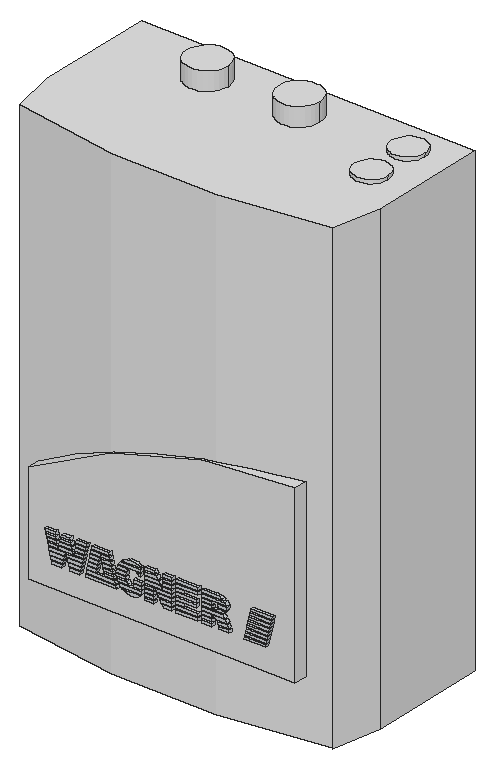
Revit family "WAGNER_Извещатели_TITANUS_TOP_SENS", category Оборудование, Revit 2017
Family settings
  Размер круглого соединителя = Использовать диаметр
  Тип детали = Нормальный
  Номер OmniClass = 23.85.30.21.11.14
  Заголовок OmniClass = Alarm Panels
  На основе рабочей плоскости = Нет
  Всегда вертикально = Да
  При загрузке вырезать с полостями = Нет
  Общий = Да
  Точка расчета площади = Нет
Parameters (values of type "Typ TT-1-SL")
  Описание = ADSK_Наименование  # "Извещатель пожарынй дымовой аспирационный"
  Изготовитель = [ADSK_Завод-изготовитель]  # "WAGNER"
  bimon.ru = "bimon.ru"
  WAGNER_Чувствительность = if(WAGNER_Variation = 1, "от 0,0049 %/м до 0,5 %/м", if(WAGNER_Variation = 2, "от 0,0049 %/м до 0,5 %/м", if(WAGNER_Variation = 3, "от 0,0049 %/м до 0,5 %/м", if(WAGNER_Variation = 4, "0", if(WAGNER_Variation = 5, "0", if(WAGNER_Variation = 6, "0", if(WAGNER_Variation = 7, "0", "@_@")))))))  # "от 0,0049 %/м до 0,5 %/м"
  WAGNER_Уровень шума  = if(WAGNER_Variation = 1, "45 дБ", if(WAGNER_Variation = 2, "от 23 дБ до 30 дБ", if(WAGNER_Variation = 3, "45 дБ", if(WAGNER_Variation = 4, "0", if(WAGNER_Variation = 5, "0", if(WAGNER_Variation = 6, "0", if(WAGNER_Variation = 7, "0", "@_@")))))))  # "от 23 дБ до 30 дБ"
  WAGNER_Тип детекторных модулей = if(WAGNER_Variation = 1, "DM-TT-50L, DM-TT-10L, DM-TT-01L", if(WAGNER_Variation = 2, "DM-TT-50L, DM-TT-10L, DM-TT-01L", if(WAGNER_Variation = 3, "DM-TT-50L-F, DM-TT-10L-F, DM-TT-01L-F", if(WAGNER_Variation = 4, "0", if(WAGNER_Variation = 5, "0", if(WAGNER_Variation = 6, "0", if(WAGNER_Variation = 7, "0", "@_@")))))))  # "DM-TT-50L, DM-TT-10L, DM-TT-01L"
  WAGNER_Тип = if(WAGNER_Variation = 1, "Typ TT-1/а", if(WAGNER_Variation = 2, "Typ TT-1-SL", if(WAGNER_Variation = 3, "Typ TT-1-F/а", if(WAGNER_Variation = 4, "0", if(WAGNER_Variation = 5, "0", if(WAGNER_Variation = 6, "0", if(WAGNER_Variation = 7, "0", "@_@")))))))  # "Typ TT-1-SL"
  WAGNER_Температурный режим. = if(WAGNER_Variation = 1, "от -20℃ до +60℃", if(WAGNER_Variation = 2, "от -20℃ до +60℃", if(WAGNER_Variation = 3, "от -40℃ до +60℃", if(WAGNER_Variation = 4, "0", if(WAGNER_Variation = 5, "0", if(WAGNER_Variation = 6, "0", if(WAGNER_Variation = 7, "0", "@_@")))))))  # "от -20℃ до +60℃"
  WAGNER_Страна производства = if(WAGNER_Variation = 1, "Германия", if(WAGNER_Variation = 2, "Германия", if(WAGNER_Variation = 3, "Германия", if(WAGNER_Variation = 4, "0", if(WAGNER_Variation = 5, "0", if(WAGNER_Variation = 6, "0", if(WAGNER_Variation = 7, "0", "@_@")))))))  # "Германия"
  WAGNER_Расчет системы = if(WAGNER_Variation = 1, "Программа PipeCalc", if(WAGNER_Variation = 2, "Программа PipeCalc", if(WAGNER_Variation = 3, "Программа PipeCalc", if(WAGNER_Variation = 4, "0", if(WAGNER_Variation = 5, "0", if(WAGNER_Variation = 6, "0", if(WAGNER_Variation = 7, "0", "@_@")))))))  # "Программа PipeCalc"
  WAGNER_Плата_сетевая_TITANUS_NU-5-D = yes
  WAGNER_Питание = if(WAGNER_Variation = 1, "24В", if(WAGNER_Variation = 2, "24В", if(WAGNER_Variation = 3, "24В", if(WAGNER_Variation = 4, "0", if(WAGNER_Variation = 5, "0", if(WAGNER_Variation = 6, "0", if(WAGNER_Variation = 7, "0", "@_@")))))))  # "24В"
  WAGNER_Название = if(WAGNER_Variation = 1, "Извещатель пожарный дымовой аспирационный TITANUS TOP·SENS", if(WAGNER_Variation = 2, "Извещатель пожарный дымовой аспирационный TITANUS TOP·SENS бесшумная версия", if(WAGNER_Variation = 3, "Извещатель пожарный дымовой аспирационный TITANUS TOP·SENS низкотемпературная версия", if(WAGNER_Variation = 4, "0", if(WAGNER_Variation = 5, "0", if(WAGNER_Variation = 6, "0", if(WAGNER_Variation = 7, "0", "@_@")))))))  # "Извещатель пожарный дымовой аспирационный TITANUS TOP·SENS бесшумная версия"
  WAGNER_Модуль_управления_вентилятором = yes
  WAGNER_Количество сигналов (реле) тревоги = if(WAGNER_Variation = 1, "от 1 до 6 ", if(WAGNER_Variation = 2, "от 1 до 6 ", if(WAGNER_Variation = 3, "от 1 до 6 ", if(WAGNER_Variation = 4, "0", if(WAGNER_Variation = 5, "0", if(WAGNER_Variation = 6, "0", if(WAGNER_Variation = 7, "0", "@_@")))))))  # "от 1 до 6 "
  WAGNER_Количество сигналов (реле) неисправности = if(WAGNER_Variation = 1, "от 1 до 2", if(WAGNER_Variation = 2, "от 1 до 2", if(WAGNER_Variation = 3, "от 1 до 2", if(WAGNER_Variation = 4, "0", if(WAGNER_Variation = 5, "0", if(WAGNER_Variation = 6, "0", if(WAGNER_Variation = 7, "0", "@_@")))))))  # "от 1 до 2"
  WAGNER_Количество каналов обнаружения = if(WAGNER_Variation = 1, "2", if(WAGNER_Variation = 2, "2", if(WAGNER_Variation = 3, "2", if(WAGNER_Variation = 4, "0", if(WAGNER_Variation = 5, "0", if(WAGNER_Variation = 6, "0", if(WAGNER_Variation = 7, "0", "@_@")))))))  # "2"
  WAGNER_Классы проектирования  = if(WAGNER_Variation = 1, "А, B, C", if(WAGNER_Variation = 2, "А, B, C", if(WAGNER_Variation = 3, "А, B, C", if(WAGNER_Variation = 4, "0", if(WAGNER_Variation = 5, "0", if(WAGNER_Variation = 6, "0", if(WAGNER_Variation = 7, "0", "@_@")))))))  # "А, B, C"
  WAGNER_Артикул = if(WAGNER_Variation = 1, "AD-05-1220", if(WAGNER_Variation = 2, "AD-05-1240", if(WAGNER_Variation = 3, "AD-05-1350", if(WAGNER_Variation = 4, "0", if(WAGNER_Variation = 5, "0", if(WAGNER_Variation = 6, "0", if(WAGNER_Variation = 7, "0", "@_@")))))))  # "AD-05-1240"
  WAGNER_Variation = 2
  WAGNER_Ip = if(WAGNER_Variation = 1, "Ip20 или Ip52", if(WAGNER_Variation = 2, "Ip20 или Ip52", if(WAGNER_Variation = 3, "Ip20 или Ip52", if(WAGNER_Variation = 4, "0", if(WAGNER_Variation = 5, "0", if(WAGNER_Variation = 6, "0", if(WAGNER_Variation = 7, "0", "@_@")))))))  # "Ip20 или Ip52"
  Uniclass Title = "Fire alarm panels"  # constant formula
  Uniclass Code = "Pr_75_75_30_29"  # constant formula
  URL = "www.wagner-russia.com"
  UNSPSC Title = "Fire alarm systems"  # constant formula
  UNSPSC Code = "46191505"  # constant formula
  OmniClass Title = "Alarm Panels"  # constant formula
  OmniClass Code = "23.85.30.21.11.14"  # constant formula
  Masterformat Title = "Fire Alarm Notification Appliances"  # constant formula
  Masterformat Code = "28 46 23"  # constant formula
  IFC Classification = ""
  COBie Category = "Fire alarm panels"  # constant formula
  ADSK_Размер_Ширина = 113 mm  # constant formula
  ADSK_Размер_Длина = 200 mm  # constant formula
  ADSK_Размер_Высота = 292 mm  # constant formula
  ADSK_Напряжение = 24 V
  ADSK_Наименование краткое = "Извещатель пожарный"  # constant formula
  ADSK_Наименование = "Извещатель пожарынй дымовой аспирационный"  # constant formula
  ADSK_Материал = WAGNER_Корпус
  ADSK_Масса_Текст = ""
  ADSK_Марка = WAGNER_Тип  # "Typ TT-1-SL"
  ADSK_Код изделия = "-"  # constant formula
  ADSK_Завод-изготовитель = "WAGNER"  # constant formula
  ADSK_Единица измерения = "шт."  # constant formula
  ADSK_Дата изменения = "18.07.20"  # constant formula
  ADSK_Версия семейства = "Версия 1"  # constant formula
  ADSK_Версия Revit = "Revit 2017"  # constant formula
  ADSK_URL страницы изделия = "https://ru.wagnergroup.com/systeme/brandfrueherkennung-mit-titanusr-ansaugrauchmeldern.html"
  ADSK_URL документации изделия = "https://ru.wagnergroup.com/ru/centr-zagruzki/katalog.html"
Types (3, lengths in mm): name | WAGNER_Уровень шума  | WAGNER_Тип детекторных модулей | WAGNER_Тип | WAGNER_Температурный режим. | WAGNER_Плата_сетевая_TITANUS_NU-5-D | WAGNER_Название | WAGNER_Артикул | WAGNER_Variation | ADSK_Марка
  Typ TT-1/а | "45 дБ" | "DM-TT-50L, DM-TT-10L, DM-TT-01L" | "Typ TT-1/а" | "от -20℃ до +60℃" | no | "Извещатель пожарный дымовой аспирационный TITANUS TOP·SENS" | "AD-05-1220" | 1 | "Typ TT-1/а"
  Typ TT-1-SL | "от 23 дБ до 30 дБ" | "DM-TT-50L, DM-TT-10L, DM-TT-01L" | "Typ TT-1-SL" | "от -20℃ до +60℃" | yes | "Извещатель пожарный дымовой аспирационный TITANUS TOP·SENS бесшумная версия" | "AD-05-1240" | 2 | "Typ TT-1-SL"
  Typ TT-1-F/а | "45 дБ" | "DM-TT-50L-F, DM-TT-10L-F, DM-TT-01L-F" | "Typ TT-1-F/а" | "от -40℃ до +60℃" | yes | "Извещатель пожарный дымовой аспирационный TITANUS TOP·SENS низкотемпературная версия" | "AD-05-1350" | 3 | "Typ TT-1-F/а"
Reference planes
  plane 1 "По центру (Вперед/Назад)": y = -115
  plane 2: z = 0
  plane 3 "По центру (Влево/Вправо)": x = -926.101
  plane 4: z = -147.566
Forms (mm)
  Extrusion 1, solid, material "WAGNER_Корпус" <- "ADSK_Материал"
    sketch origin (0, -115, 0) x (1, 0, 0) y (0, 0, 1)
      loop
        line (-826.15, 134.487) -> (-1026.128, 134.487) -> (-1026.128, -145.566) -> (-826.15, -145.566) -> (-826.15, 134.487)
    from 0 to 70.93
  Sweep 2, solid, material "WAGNER_Корпус" <- "ADSK_Материал"
    path origin (0, -422.5, 0) x (0, 0, -1) y (1, 0, 0)
      loop
        line (-134.487, -926.101) -> (145.566, -926.101)
    profile origin (-926.101, -422.5, -5.539) x (0, -1, 0) y (1, 0, 0)
      loop
        line (-236.57, 99.951) -> (-237.521, 99.951) -> (-237.521, -100.026) -> (-236.57, -100.026) -> (-208.216, -93.924)
        arc (-208.216, -93.924) -> (-197.783, 0) -> (-208.216, 93.924) r 427.993
        line (-208.216, 93.924) -> (-236.57, 99.951)
  Extrusion 3, solid, material "WAGNER_Корпус" <- "ADSK_Материал"
    sketch origin (0, -115, 0) x (1, 0, 0) y (0, 0, 1)
      loop
        arc (-845.978, 124.031) -> (-851.101, 129.154) -> (-856.225, 124.031) r 5.124
        line (-856.225, 124.031) -> (-856.225, 116.031)
        arc (-856.225, 116.031) -> (-851.101, 110.907) -> (-845.978, 116.031) r 5.124
        line (-845.978, 116.031) -> (-845.978, 124.031)
      loop
        arc (-875.978, 124.031) -> (-881.101, 129.154) -> (-886.225, 124.031) r 5.124
        line (-886.225, 124.031) -> (-886.225, 116.031)
        arc (-886.225, 116.031) -> (-881.101, 110.907) -> (-875.978, 116.031) r 5.124
        line (-875.978, 116.031) -> (-875.978, 124.031)
      loop
        arc (-1005.978, 124.031) -> (-1011.101, 129.154) -> (-1016.225, 124.031) r 5.124
        line (-1016.225, 124.031) -> (-1016.225, 116.031)
        arc (-1016.225, 116.031) -> (-1011.101, 110.907) -> (-1005.978, 116.031) r 5.124
        line (-1005.978, 116.031) -> (-1005.978, 124.031)
      loop
        arc (-1014.902, -129.646) -> (-1020.026, -134.77) -> (-1014.902, -139.894) r 5.124
        line (-1014.902, -139.894) -> (-1006.902, -139.894)
        arc (-1006.902, -139.894) -> (-1001.778, -134.77) -> (-1006.902, -129.646) r 5.124
        line (-1006.902, -129.646) -> (-1014.902, -129.646)
      loop
        arc (-855.301, -129.646) -> (-860.425, -134.77) -> (-855.301, -139.894) r 5.124
        line (-855.301, -139.894) -> (-847.301, -139.894)
        arc (-847.301, -139.894) -> (-842.177, -134.77) -> (-847.301, -129.646) r 5.124
        line (-847.301, -129.646) -> (-855.301, -129.646)
    from -2.983 to 0
  Extrusion 4, solid, material "WAGNER_Корпус" <- "ADSK_Материал"
    sketch origin (0, 0, 0) x (1, 0, 0) y (0, 1, 0)
      loop
        circle (-967.443, -139.017) r 12.5
    from 134.487 to 145.487
  Extrusion 5, solid, material "WAGNER_Корпус" <- "ADSK_Материал"
    sketch origin (0, 0, 0) x (1, 0, 0) y (0, 1, 0)
      loop
        circle (-912.443, -139.017) r 12.5
    from 134.487 to 145.487
  Extrusion 6, solid, material "WAGNER_Корпус" <- "ADSK_Материал"
    sketch origin (0, 0, 0) x (1, 0, 0) y (0, 1, 0)
      loop
        circle (-850.763, -162.048) r 10
    from 134.487 to 136.468
  Extrusion 7, solid, material "WAGNER_Корпус" <- "ADSK_Материал"
    sketch origin (0, 27.996, 0) x (1, 0, 0) y (0, 1, 0)
      loop
        circle (-850.763, -162.048) r 10
    from 134.487 to 136.468
  Extrusion 8, solid, material "WAGNER_Корпус" <- "ADSK_Материал"
    sketch origin (0, -115, 0) x (1, 0, 0) y (0, 0, 1)
      loop
        circle (-865.763, -77.26) r 12.5
      loop
        circle (-861.763, -111.26) r 12.5
    from -2.983 to 0
  Extrusion 9, solid, material "WAGNER_Корпус" <- "ADSK_Материал"
    sketch origin (0, 0, 0) x (1, 0, 0) y (0, 1, 0)
      loop
        circle (-1004.101, -136.052) r 10
    from -147.566 to -145.566
  Extrusion 10, solid, material "WAGNER_Корпус" <- "ADSK_Материал"
    sketch origin (28, 0, 0) x (1, 0, 0) y (0, 1, 0)
      loop
        circle (-1004.101, -136.052) r 10
    from -147.566 to -145.566
  Extrusion 11, solid, material "WAGNER_Корпус" <- "ADSK_Материал"
    sketch origin (56, 0, 0) x (1, 0, 0) y (0, 1, 0)
      loop
        circle (-1004.101, -136.052) r 10
    from -147.566 to -145.566
  Extrusion 12, solid, material "WAGNER_Корпус" <- "ADSK_Материал"
    sketch origin (15, 0, 0) x (1, 0, 0) y (0, 1, 0)
      loop
        circle (-912.443, -139.017) r 12.5
    from -147.566 to -143.765
  Extrusion 13, solid, material "WAGNER_Корпус" <- "ADSK_Материал"
    sketch origin (48.229, 5.859, 0) x (1, 0, 0) y (0, 1, 0)
      loop
        circle (-912.443, -139.017) r 12.5
    from -147.566 to -143.765
  Extrusion 14, solid, material "WAGNER_Корпус" <- "ADSK_Материал"
    sketch origin (64.229, -24.232, 0) x (1, 0, 0) y (0, 1, 0)
      loop
        circle (-912.443, -139.017) r 12.5
    from -147.566 to -143.765
  Extrusion 15, solid, material "WAGNER_Корпус" <- "ADSK_Материал"
    sketch origin (0, -422.5, 0) x (0, 0, -1) y (1, 0, 0)
      loop
        line (50.56, -1006.063) -> (110.501, -1006.063) -> (110.501, -846.14) -> (5.577, -846.14)
        arc (5.577, -846.14) -> (16.4, -929.384) -> (50.56, -1006.063) r 290.67
    from -208.216 to -197.5
Cuts and joins
  joined: Extrusion 1, Sweep 2, Extrusion 3, Extrusion 4, Extrusion 5, Extrusion 6, Extrusion 7, Extrusion 8, Extrusion 9, Extrusion 10, Extrusion 11, Extrusion 12, Extrusion 13, Extrusion 14, Extrusion 15
Dimensions and locks
  aligned and locked: level to plane 2
Nested families
  nested 1: "Надпись" at (-928.069, -225, -71.776) x (1, 0, 0) z (0, -1, 0), type "Надпись"
    with ADSK_Материал none
  nested 2: "WAGNER_Плата_сетевая_TITANUS_NU-5-D" at (0, 283.888, 0), type "Typ NU-5-D"
  nested 3: "WAGNER_модуль_управления_вентилятором" at (0, 270, 0), Наличие <- "WAGNER_Модуль_управления_вентилятором", type "Typ FC-3"
    with Наличие yes
Connectors
  cabletrayconduit at (-850.763, -134.052, 136.468), diameter 20
    settings: on cut or joined group 1 (Extrusion 1, Sweep 2, Extrusion 3, Extrusion 4, Extrusion 5, Extrusion 6, Extrusion 7, Extrusion 8, Extrusion 9, Extrusion 10, Extrusion 11, Extrusion 12, Extrusion 13, Extrusion 14, Extrusion 15), index 1, connector width 300 mm, connector height 300 mm, connector angle 0.00°, system type 32, placement type 0, profile type 0, connector reference index -1, is primary connector yes, connector utility param no, connector description ""
  cabletrayconduit at (-850.763, -162.048, 134.487), diameter 20
    settings: on cut or joined group 1, index 2, connector width 300 mm, connector height 300 mm, connector angle 0.00°, system type 32, placement type 0, profile type 0, connector reference index -1, is primary connector no, connector utility param no, connector description ""
  cabletrayconduit at (-1004.101, -136.052, -147.566), diameter 20
    settings: on cut or joined group 1, index 3, connector width 300 mm, connector height 300 mm, connector angle 0.00°, system type 32, placement type 0, profile type 0, connector reference index -1, is primary connector no, connector utility param no, connector description ""
  cabletrayconduit at (-976.101, -136.052, -147.566), diameter 20
    settings: on cut or joined group 1, index 4, connector width 300 mm, connector height 300 mm, connector angle 0.00°, system type 32, placement type 0, profile type 0, connector reference index -1, is primary connector no, connector utility param no, connector description ""
  cabletrayconduit at (-948.101, -136.052, -147.566), diameter 20
    settings: on cut or joined group 1, index 5, connector width 300 mm, connector height 300 mm, connector angle 0.00°, system type 32, placement type 0, profile type 0, connector reference index -1, is primary connector no, connector utility param no, connector description ""
  cabletrayconduit at (-897.443, -139.017, -145.566), diameter 25
    settings: on cut or joined group 1, index 6, connector width 300 mm, connector height 300 mm, connector angle 0.00°, system type 32, placement type 0, profile type 0, connector reference index -1, is primary connector no, connector utility param no, connector description ""
  cabletrayconduit at (-848.214, -163.25, -145.566), diameter 25
    settings: on cut or joined group 1, index 7, connector width 300 mm, connector height 300 mm, connector angle 0.00°, system type 32, placement type 0, profile type 0, connector reference index -1, is primary connector no, connector utility param no, connector description ""
  cabletrayconduit at (-865.763, -112.017, -77.26), diameter 25
    settings: on cut or joined group 1, index 8, connector width 300 mm, connector height 300 mm, connector angle 0.00°, system type 32, placement type 0, profile type 0, connector reference index -1, is primary connector no, connector utility param no, connector description ""
  cabletrayconduit at (-861.763, -112.017, -111.26), diameter 25
    settings: on cut or joined group 1, index 9, connector width 300 mm, connector height 300 mm, connector angle 0.00°, system type 32, placement type 0, profile type 0, connector reference index -1, is primary connector no, connector utility param no, connector description ""
  piping at (-967.443, -139.017, 145.487), diameter 25
    settings: on cut or joined group 1, index 10, connector inside diameter 609.6 mm, connector length 0 mm, flow factor 0, pipe flow 0.0 m³/h, pressure drop 0.0 Pa, fitting loss kfactor 0, connector angle 0.00°, fixture units 0, engagement length 0 mm, angle of deflection 0.00°, flow configuration 0, flow direction 0, fitting loss method 0, system type 29, joint type 0, gender type 0, connector reference index -1, connector utility 0, adjustable connector no, is connector primary yes, connector description ""
  piping at (-912.443, -139.017, 145.487), diameter 25
    settings: on cut or joined group 1, index 11, connector inside diameter 609.6 mm, connector length 0 mm, flow factor 0, pipe flow 0.0 m³/h, pressure drop 0.0 Pa, fitting loss kfactor 0, connector angle 0.00°, fixture units 0, engagement length 0 mm, angle of deflection 0.00°, flow configuration 0, flow direction 0, fitting loss method 0, system type 29, joint type 0, gender type 0, connector reference index -1, connector utility 0, adjustable connector no, is connector primary no, connector description ""
  piping at (-864.214, -133.158, -147.566), diameter 25
    settings: on cut or joined group 1, index 12, connector inside diameter 609.6 mm, connector length 0 mm, flow factor 0, pipe flow 0.0 m³/h, pressure drop 0.0 Pa, fitting loss kfactor 0, connector angle 0.00°, fixture units 0, engagement length 0 mm, angle of deflection 0.00°, flow configuration 0, flow direction 0, fitting loss method 0, system type 29, joint type 0, gender type 0, connector reference index -1, connector utility 0, adjustable connector no, is connector primary no, connector description ""
Definition of nested family "Надпись"
  Parameters (values of type "Надпись")
    Default Elevation = 1219.2 mm
    Height = 0 mm
    ADSK_Материал [instance] = none
  Reference planes
    plane 1 "По центру (Вперед/Назад)": y = 0
    plane 2: z = 0
    plane 3 "По центру (Влево/Вправо)": x = 0
  Forms (mm)
    Extrusion 1, solid
      sketch origin (0, 0, 0) x (1, 0, 0) y (0, 1, 0)
        loop
          line (-8.661, 5) -> (-8.661, -2.59) -> (0, -2.59) -> (0, 5) -> (-8.661, 5)
      from 0 to -3.341
    Extrusion 2, solid, material <- "ADSK_Материал"
      sketch origin (0, 90.349, 0) x (1, 0, 0) y (0, 1, 0)
        loop
          line (-66.633, -96.987) -> (-64.622, -105.534) -> (-59.018, -105.534) -> (-60.333, -96.987) -> (-66.633, -96.987)
        loop
          line (-62.433, -114.837) -> (-56.483, -114.837) -> (-54.193, -106.29) -> (-64.444, -106.29) -> (-62.433, -114.837)
        loop
          line (-53.942, -106.29) -> (-51.583, -114.837) -> (-45.633, -114.837) -> (-43.622, -106.29) -> (-53.942, -106.29)
        loop
          line (-41.433, -96.987) -> (-47.733, -96.987) -> (-49.048, -105.534) -> (-43.444, -105.534) -> (-41.433, -96.987)
        loop
          line (-49.282, -105.534) -> (-51.583, -96.987) -> (-56.483, -96.987) -> (-58.784, -105.534) -> (-49.282, -105.534)
        loop
          line (-38.458, -96.987) -> (-40.301, -105.534) -> (-34.728, -105.534) -> (-33.383, -100.137) -> (-31.936, -105.537) -> (-26.128, -105.537) -> (-28.308, -96.987) -> (-38.458, -96.987)
        loop
          line (-42.308, -114.837) -> (-23.758, -114.837) -> (-25.936, -106.29) -> (-31.734, -106.29) -> (-30.489, -110.938) -> (-36.076, -110.938) -> (-34.917, -106.29) -> (-40.464, -106.29) -> (-42.308, -114.837)
        loop
          line (-8.661, -112.628) -> (-8.661, -106.29) -> (-13.608, -106.29) -> (-13.608, -110.938)
          spline (-13.608, -110.938) -> (-14.527, -110.855) -> (-15.182, -110.648) -> (-15.674, -110.377) -> (-16.086, -110.089) -> (-16.44, -109.789) -> (-16.75, -109.473) -> (-17.027, -109.135) -> (-17.281, -108.757) -> (-17.523, -108.317) -> (-17.761, -107.79) -> (-17.983, -107.132) -> (-18.173, -106.29)
          line (-18.173, -106.29) -> (-23.925, -106.29)
          spline (-23.925, -106.29) -> (-23.374, -109.198) -> (-22.264, -111.152) -> (-21.272, -112.432) -> (-20.36, -113.296) -> (-19.27, -113.989) -> (-17.877, -114.629) -> (-16.291, -115.103) -> (-14.638, -115.285) -> (-12.978, -115.124) -> (-11.331, -114.614) -> (-9.768, -113.761) -> (-8.661, -112.628)
        loop
          line (-9.408, -103.21) -> (-9.408, -98.265)
          spline (-9.408, -98.265) -> (-11.397, -97.312) -> (-13.231, -96.797) -> (-14.918, -96.656) -> (-16.464, -96.826) -> (-17.878, -97.241) -> (-19.167, -97.837) -> (-20.335, -98.564) -> (-21.372, -99.447) -> (-22.265, -100.536) -> (-22.997, -101.881) -> (-23.556, -103.532) -> (-23.925, -105.537)
          line (-23.925, -105.537) -> (-18.183, -105.537)
          spline (-18.183, -105.537) -> (-17.772, -104.218) -> (-17.317, -103.163) -> (-16.807, -102.344) -> (-16.233, -101.733) -> (-15.583, -101.3) -> (-14.848, -101.017) -> (-14.024, -100.864) -> (-13.148, -100.861) -> (-12.275, -101.052) -> (-11.46, -101.478) -> (-10.758, -102.184) -> (-10.226, -103.21)
          line (-10.226, -103.21) -> (-9.408, -103.21)
        loop
          line (-6.433, -114.837) -> (-1.008, -114.837) -> (-1.008, -106.29) -> (-6.433, -106.29) -> (-6.433, -114.837)
        loop
          line (-6.433, -96.987) -> (-6.433, -105.534) -> (3.972, -105.534) -> (-0.833, -96.987) -> (-6.433, -96.987)
        loop
          line (4.242, -96.987) -> (4.242, -105.534) -> (9.667, -105.534) -> (9.667, -96.987) -> (4.242, -96.987)
        loop
          line (9.667, -107.865) -> (9.667, -106.29) -> (-0.749, -106.29) -> (4.592, -114.837) -> (9.667, -114.837) -> (9.667, -107.865)
        loop
          line (17.367, -100.886) -> (25.417, -100.886) -> (25.417, -96.987) -> (12.117, -96.987) -> (12.117, -105.534) -> (24.367, -105.534) -> (24.367, -103.959) -> (17.367, -103.959) -> (17.367, -100.886)
        loop
          line (25.417, -110.938) -> (17.367, -110.938) -> (17.367, -107.865) -> (24.367, -107.865) -> (24.367, -106.29) -> (12.117, -106.29) -> (12.117, -114.837) -> (25.417, -114.837) -> (25.417, -110.938)
        loop
          line (27.517, -96.987) -> (27.517, -105.534) -> (40.677, -105.534)
          spline (40.677, -105.534) -> (41.741, -104.309) -> (42.384, -103.252) -> (42.676, -102.307) -> (42.678, -101.434) -> (42.44, -100.619) -> (42.012, -99.846) -> (41.427, -99.113) -> (40.691, -98.444) -> (39.806, -97.865) -> (38.754, -97.403) -> (37.438, -97.097) -> (35.742, -96.987)
          line (35.742, -96.987) -> (27.517, -96.987)
        loop
          line (27.517, -114.837) -> (33.467, -114.837) -> (33.467, -109.237) -> (34.692, -109.237)
          spline (34.692, -109.237) -> (35.25, -109.312) -> (35.723, -109.519) -> (36.123, -109.828) -> (36.462, -110.209) -> (36.75, -110.633) -> (36.999, -111.071) -> (37.218, -111.523) -> (37.41, -112.012) -> (37.582, -112.563) -> (37.737, -113.201) -> (37.88, -113.951) -> (38.017, -114.837)
          line (38.017, -114.837) -> (43.967, -114.837)
          spline (43.967, -114.837) -> (43.867, -114.015) -> (43.712, -113.201) -> (43.506, -112.398) -> (43.253, -111.61) -> (42.957, -110.84) -> (42.62, -110.093) -> (42.247, -109.372) -> (41.84, -108.681) -> (41.405, -108.023) -> (40.943, -107.403) -> (40.459, -106.824) -> (39.957, -106.29)
          line (39.957, -106.29) -> (27.517, -106.29) -> (27.517, -114.837)
        loop
          spline (35.742, -105.037) -> (36.22, -104.927) -> (36.688, -104.655) -> (37.088, -104.306) -> (37.371, -103.951) -> (37.535, -103.588) -> (37.588, -103.202) -> (37.541, -102.776) -> (37.401, -102.294) -> (37.139, -101.79) -> (36.699, -101.338) -> (36.021, -101.011) -> (35.045, -100.886)
          line (35.045, -100.886) -> (33.467, -100.886) -> (33.467, -105.037) -> (35.742, -105.037)
        loop
          line (57.053, -96.987) -> (55.066, -105.434) -> (68.016, -105.434) -> (70.003, -96.987) -> (57.053, -96.987)
        loop
          line (52.877, -114.737) -> (65.827, -114.737) -> (67.815, -106.29) -> (54.865, -106.29) -> (52.877, -114.737)
      from 0 to 2
    Extrusion 3, void
      sketch origin (0, 90.349, 0) x (1, 0, 0) y (0, 1, 0)
        loop
          line (-66.262, -98.562) -> (-67.78, -99.311) -> (71.59, -99.311) -> (73.738, -98.562) -> (-66.262, -98.562)
        loop
          line (-66.262, -100.862) -> (-67.78, -101.611) -> (71.59, -101.611) -> (73.738, -100.862) -> (-66.262, -100.862)
        loop
          line (-66.262, -103.162) -> (-67.78, -103.911) -> (71.59, -103.911) -> (73.738, -103.162) -> (-66.262, -103.162)
        loop
          line (-66.262, -107.834) -> (-67.78, -108.583) -> (71.59, -108.583) -> (73.738, -107.834) -> (-66.262, -107.834)
        loop
          line (-66.262, -110.189) -> (-67.78, -110.938) -> (71.59, -110.938) -> (73.738, -110.189) -> (-66.262, -110.189)
        loop
          line (-66.262, -112.589) -> (-67.78, -113.338) -> (71.59, -113.338) -> (73.738, -112.589) -> (-66.262, -112.589)
      from -1 to 5
  Cuts and joins
    Extrusion 3 cuts Extrusion 2
  Dimensions and locks
    aligned and locked: plane 2 to Extrusion 1
    aligned and locked: level to Extrusion 1
Definition of nested family "WAGNER_модуль_управления_вентилятором"
  Parameters (values of type "Typ FC-3")
    Description = ADSK_Наименование  # "Модуль управления вентилятором"
    Наличие [instance] = yes
    Manufacturer = [ADSK_Завод-изготовитель]  # "WAGNER"
    bimon.ru = "bimon.ru"
    WAGNER_Тип = "Typ FC-3"  # constant formula
    WAGNER_Название = "Модуль управления вентилятором"  # constant formula
    WAGNER_Артикул = "09-20-6830"  # constant formula
    Uniclass Title = "Fire alarm panels"  # constant formula
    Uniclass Code = "Pr_75_75_30_29"  # constant formula
    URL = "www.wagner-russia.com"
    UNSPSC Title = "Fire alarm systems"  # constant formula
    UNSPSC Code = "46191505"  # constant formula
    OmniClass Title = "Alarm Panels"  # constant formula
    OmniClass Code = "23.85.30.21.11.14"  # constant formula
    Masterformat Title = "Fire Alarm Notification Appliances"  # constant formula
    Masterformat Code = "28 46 23"  # constant formula
    IFC Classification = ""
    COBie Category = "Fire alarm panels"  # constant formula
    ADSK_Размер_Ширина = 0 mm  # constant formula
    ADSK_Размер_Длина = 0 mm  # constant formula
    ADSK_Размер_Высота = 0 mm  # constant formula
    ADSK_Наименование краткое = WAGNER_Название  # "Модуль управления вентилятором"
    ADSK_Наименование = WAGNER_Название  # "Модуль управления вентилятором"
    ADSK_Материал = none
    ADSK_Масса_Текст = ""
    ADSK_Марка = WAGNER_Тип  # "Typ FC-3"
    ADSK_Код изделия = "-"  # constant formula
    ADSK_Завод-изготовитель = "WAGNER"  # constant formula
    ADSK_Единица измерения = "шт."  # constant formula
    ADSK_Дата изменения = "18.07.20"  # constant formula
    ADSK_Версия семейства = "Версия 1"  # constant formula
    ADSK_Версия Revit = "Revit 2017"  # constant formula
    ADSK_URL страницы изделия = "https://ru.wagnergroup.com/systeme/brandfrueherkennung-mit-titanusr-ansaugrauchmeldern.html"
    ADSK_URL документации изделия = "https://ru.wagnergroup.com/ru/centr-zagruzki/katalog.html"
  Reference planes
    plane 1 "По центру (Вперед/Назад)": y = -115
    plane 2: z = 0
    plane 3 "По центру (Влево/Вправо)": x = -926.101
    plane 4: through (0, -115, 0) normal (0, 0.4226, -0.9063)
    plane 5: through (0, -115, 0) normal (0, 0.4226, 0.9063)
  Forms (mm)
    Extrusion 1, solid, visible <- "Наличие"
      sketch origin (0, -422.5, 0) x (0, 0, -1) y (1, 0, 0)
        loop
          line (-1, -927.101) -> (1, -927.101) -> (1, -925.101) -> (-1, -925.101) -> (-1, -927.101)
      from -1 to 1
  Dimensions and locks
    aligned and locked: level to plane 2
Definition of nested family "WAGNER_Плата_сетевая_TITANUS_NU-5-D"
  Parameters (values of type "Typ NU-5-D")
    Description = ADSK_Наименование  # "Плата сетевая TITANUS NU-5-D"
    Manufacturer = [ADSK_Завод-изготовитель]  # "WAGNER"
    bimon.ru = "bimon.ru"
    WAGNER_Тип = "Typ NU-5-D"  # constant formula
    WAGNER_Название = "Плата сетевая TITANUS NU-5-D"  # constant formula
    WAGNER_Артикул = "09-20-6445"  # constant formula
    WAGNER_Variation = 1
    Uniclass Title = "Fire alarm panels"  # constant formula
    Uniclass Code = "Pr_75_75_30_29"  # constant formula
    URL = "www.wagner-russia.com"
    UNSPSC Title = "Fire alarm systems"  # constant formula
    UNSPSC Code = "46191505"  # constant formula
    OmniClass Title = "Alarm Panels"  # constant formula
    OmniClass Code = "23.85.30.21.11.14"  # constant formula
    Masterformat Title = "Fire Alarm Notification Appliances"  # constant formula
    Masterformat Code = "28 46 23"  # constant formula
    IFC Classification = ""
    COBie Category = "Fire alarm panels"  # constant formula
    ADSK_Размер_Ширина = 0 mm  # constant formula
    ADSK_Размер_Длина = 0 mm  # constant formula
    ADSK_Размер_Высота = 0 mm  # constant formula
    ADSK_Наименование краткое = "Плата сетевая TITANUS NU-5-D"  # constant formula
    ADSK_Наименование = WAGNER_Название  # "Плата сетевая TITANUS NU-5-D"
    ADSK_Материал = none
    ADSK_Масса_Текст = ""
    ADSK_Марка = WAGNER_Тип  # "Typ NU-5-D"
    ADSK_Код изделия = "-"  # constant formula
    ADSK_Завод-изготовитель = "WAGNER"  # constant formula
    ADSK_Единица измерения = "шт."  # constant formula
    ADSK_Дата изменения = "19.07.20"  # constant formula
    ADSK_Версия семейства = "Версия 1"  # constant formula
    ADSK_Версия Revit = "Revit 2017"  # constant formula
    ADSK_URL страницы изделия = "https://ru.wagnergroup.com/systeme/brandfrueherkennung-mit-titanusr-ansaugrauchmeldern.html"
    ADSK_URL документации изделия = "https://ru.wagnergroup.com/ru/centr-zagruzki/katalog.html"
  Reference planes
    plane 1 "По центру (Вперед/Назад)": y = -115
    plane 2: z = 0
    plane 3 "По центру (Влево/Вправо)": x = -926.101
    plane 4: through (0, -115, 0) normal (0, 0.4226, -0.9063)
    plane 5: through (0, -115, 0) normal (0, 0.4226, 0.9063)
  Dimensions and locks
    aligned and locked: level to plane 2
